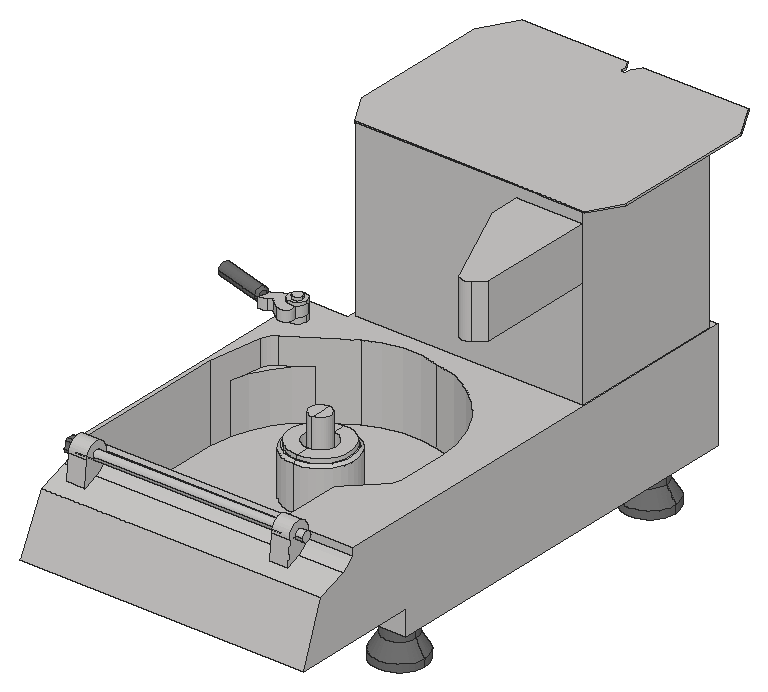
Revit family "QF_DITOSAMA_603429_DTR260F1V", category Specialty Equipment, Revit 2018
Family settings
  Round Connector Dimension = Use Diameter
  Part Type = Normal
  Work Plane-Based = No
  Always vertical = Yes
  Cut with Voids When Loaded = No
  Shared = No
  Room Calculation Point = No
Parameters (values of type "QF_DITO SAMA_603429_DTR260F1V")
  Weight = 49.00 kg
  Watts = 0 W
  Volts = 220 V
  URL Manufacturer = "http://www.ditosama.com"
  URL = "http://www.ditosama.com"
  Steam Supply Size = 0 mm
  Steam Supply Minimum Pressure = 0.0 Pa
  Steam Supply Maximum Pressure = 0.0 Pa
  Steam Pounds per Hour = 0
  Refrigeration Suction Line Size = 0 mm
  Refrigeration Liquid Line Size = 0 mm
  Refrigerant Compressor Remote = yes
  Manufacturer = "Dito Sama"
  Phase = 1
  Model = "DTR260F1V"
  Length Actual = 750 mm  # constant formula
  Item Number = "603429"
  Hot Water Size = 0 mm
  Height Actual = 440 mm  # constant formula
  HP = "2 HP"
  Gas Size = 0 mm
  Gas KW = 0
  Gas Input Pressure = 0 W
  Direct Waste Size = 0 mm
  Description = "VEG.SLICER-FLAT P.-1 SP. 220-240/1/50"
  Depth Actual = 400 mm  # constant formula
  Cycle = 50 Hz
  Condensate Return Size = 0 mm
  Compressed Air Volume = 0.0 L/s
  Compressed Air Size = 0 mm
  Compressed Air Pressure = 0.0 Pa
  Cold Water Size = 0 mm
  Accessory = yes
Reference planes
  plane 1 "Center (Front/Back)": y = 0
  plane 2: z = 0
  plane 3 "Center (Left/Right)": x = 0
  plane 4 "BASE": z = 60
  plane 5 "TOP": z = 436
  plane 6 "FRONT": y = -375
  plane 7 "BACK": y = 375
  plane 8 "LEFT": x = -200
  plane 9 "RIGHT": x = 200
  plane 10: z = 104.066
  plane 11 "CX": x = -30.257
  plane 12: through (-207.564, 46.512, 4000) normal (-0.2756, -0.9613, 0)
  plane 13 "Man0": z = 225
Forms (mm)
  Extrusion 1, solid, material "QF_Finishes_Rubber Black"
    sketch origin (0, 0, 0) x (1, 0, 0) y (0, 1, 0)
      loop
        circle (-157.5, 265) r 34
    from 0 to 9.998
  Blend 2, solid, material "QF_Finishes_Rubber Black"
    base sketch origin (0, 0, 0) x (1, 0, 0) y (0, 1, 0)
      loop
        circle (-157.5, 265) r 34
    top sketch origin (0, 0, 0) x (1, 0, 0) y (0, 1, 0)
      loop
        circle (-157.5, 265) r 22
    from 10 to 30
  Extrusion 3, solid, material "QF_Finishes_Rubber Black"
    sketch origin (0, 0, 0) x (1, 0, 0) y (0, 1, 0)
      loop
        circle (-157.5, 265) r 22
    from 30 to 60
  Extrusion 4, solid, material "QF_Finishes_Rubber Black"
    sketch origin (0, -415, 0) x (1, 0, 0) y (0, 1, 0)
      loop
        circle (-157.5, 265) r 34
    from 0 to 9.998
  Blend 5, solid, material "QF_Finishes_Rubber Black"
    base sketch origin (0, -415, 0) x (1, 0, 0) y (0, 1, 0)
      loop
        circle (-157.5, 265) r 34
    top sketch origin (0, -415, 0) x (1, 0, 0) y (0, 1, 0)
      loop
        circle (-157.5, 265) r 22
    from 10 to 30
  Extrusion 6, solid, material "QF_Finishes_Rubber Black"
    sketch origin (0, -415, 0) x (1, 0, 0) y (0, 1, 0)
      loop
        circle (-157.5, 265) r 22
    from 30 to 60
  Extrusion 7, solid, material "QF_Finishes_Rubber Black"
    sketch origin (-27.5, 0, 0) x (-1, 0, 0) y (0, -1, 0)
      loop
        circle (-157.5, -265) r 34
    from 0 to 9.998
  Blend 8, solid, material "QF_Finishes_Rubber Black"
    base sketch origin (-27.5, 0, 0) x (-1, 0, 0) y (0, -1, 0)
      loop
        circle (-157.5, -265) r 34
    top sketch origin (-27.5, 0, 0) x (-1, 0, 0) y (0, -1, 0)
      loop
        circle (-157.5, -265) r 22
    from 10 to 30
  Extrusion 9, solid, material "QF_Finishes_Rubber Black"
    sketch origin (-27.5, 0, 0) x (-1, 0, 0) y (0, -1, 0)
      loop
        circle (-157.5, -265) r 22
    from 30 to 60
  Extrusion 10, solid, material "QF_Finishes_Rubber Black"
    sketch origin (-27.5, -415, 0) x (-1, 0, 0) y (0, -1, 0)
      loop
        circle (-157.5, -265) r 34
    from 0 to 9.998
  Blend 11, solid, material "QF_Finishes_Rubber Black"
    base sketch origin (-27.5, -415, 0) x (-1, 0, 0) y (0, -1, 0)
      loop
        circle (-157.5, -265) r 34
    top sketch origin (-27.5, -415, 0) x (-1, 0, 0) y (0, -1, 0)
      loop
        circle (-157.5, -265) r 22
    from 10 to 30
  Extrusion 12, solid, material "QF_Finishes_Rubber Black"
    sketch origin (-27.5, -415, 0) x (-1, 0, 0) y (0, -1, 0)
      loop
        circle (-157.5, -265) r 22
    from 30 to 60
  Extrusion 13, solid, material "QF_Finishes_Stainless Steel"
    sketch origin (0, 0, 0) x (0, 1, 0) y (0, 0, 1)
      loop
        line (320, 60) -> (320, 205) -> (-285, 205) -> (-285, 195)
        arc (-285, 195) -> (-291.829, 187.582) -> (-300.321, 182.144) r 39.318
        line (-300.321, 182.144) -> (-337.909, 168.463) -> (-366.578, 93.777) -> (-196.578, 93.777) -> (-196.578, 60) -> (320, 60)
    from -200 to 176.117
  Extrusion 14, void
    sketch origin (0, 375, 0) x (-1, 0, 0) y (0, 0, 1)
      loop
        line (199.965, 94.282) -> (207.223, 94.282) -> (207.223, 205) -> (192.223, 205) -> (199.965, 94.282)
    from -772.928 to -41.104
  Extrusion 15, void
    sketch origin (0, 375, 0) x (-1, 0, 0) y (0, 0, 1)
      loop
        line (199.96, 94.349) -> (192.223, 205) -> (133.474, 205) -> (199.96, 94.349)
    from -55 to -281.494
  Extrusion 16, solid, material "QF_Finishes_Stainless Steel"
    sketch origin (0, 0, 0) x (1, 0, 0) y (0, 1, 0)
      loop
        line (-127.778, 308.325) -> (-127.778, 99.647) -> (173.289, 99.647) -> (173.289, 308.325) -> (-127.778, 308.325)
    from 205 to 434
  Extrusion 17, solid, material "QF_Finishes_Stainless Steel"
    sketch origin (0, 0, 0) x (1, 0, 0) y (0, 1, 0)
      loop
        line (173.289, 99.647) -> (86.117, 99.647) -> (86.117, 59.647) -> (141.727, -65.256)
        arc (141.727, -65.256) -> (150.503, -72.174) -> (161.175, -68.86) r 12
        line (161.175, -68.86) -> (173.289, -56.747) -> (173.289, 99.647)
    from 350.263 to 420.638
  Extrusion 18, solid, material "QF_Finishes_Stainless Steel"
    sketch origin (0, 0, 0) x (1, 0, 0) y (0, 1, 0)
      loop
        line (-127.778, 375) -> (-153.883, 329.785) -> (-153.883, 142.948) -> (-128.883, 99.647) -> (176.117, 99.647) -> (200, 137.879) -> (200, 327.879) -> (172.795, 375) -> (32.795, 375) -> (26.325, 363.793) -> (26.325, 357.179)
        arc (26.325, 357.179) -> (22.99, 353.845) -> (19.655, 357.179) r 3.335
        line (19.655, 357.179) -> (19.655, 363.642) -> (13.097, 375) -> (-127.778, 375)
    from 434 to 436
  Extrusion 19, void
    sketch origin (0, 0, 0) x (1, 0, 0) y (0, 1, 0)
      loop
        line (-186.4, -69.835) -> (-186.4, -275) -> (80.32, -275) -> (80.32, -195.67) -> (121.822, -154.168)
        arc (121.822, -154.168) -> (125.63, -147.573) -> (126.952, -140.073) r 21.929
        line (126.952, -140.073) -> (126.952, -78.085)
        arc (126.952, -78.085) -> (90.934, 20.602) -> (0, 73.211) r 153.956
        arc (0, 73.211) -> (-47.258, 76.401) -> (-92.835, 63.504) r 138.701
        line (-92.835, 63.504) -> (-163.303, 15.973)
        arc (-163.303, 15.973) -> (-171.312, 9.487) -> (-175.339, 0) r 21.301
        line (-175.339, 0) -> (-186.4, -69.835)
    from 205 to 104.066
  Revolve 20, solid, material "QF_Finishes_Stainless Steel"
    sketch origin (-30.257, 0, 0) x (0, 1, 0) y (0, 0, 1)
      loop
        line (-80.822, 104.066) -> (-35.822, 104.066) -> (-35.822, 161.863) -> (-39.357, 165.398) -> (-41.484, 165.398) -> (-41.484, 170.84) -> (-59.291, 170.84) -> (-59.291, 110.84) -> (-67.029, 110.84) -> (-67.029, 205) -> (-80.822, 205) -> (-80.822, 104.066)
      axis (-80.822, 205) -> (-80.822, 104.066)
    angle from 0 to 360
  Extrusion 21, solid, material "QF_Finishes_Stainless Steel"
    sketch origin (0, 0, 0) x (0, 1, 0) y (0, 0, 1)
      loop
        line (-281.525, 104.066) -> (-261.525, 104.066) -> (-281.525, 178.707) -> (-281.525, 104.066)
    from -186.4 to 80.32
  Extrusion 22, solid, material "QF_Finishes_Stainless Steel"
    sketch origin (0, 0, 0) x (1, 0, 0) y (0, 1, 0)
      loop
        line (89.692, -186.298) -> (121.822, -154.168)
        arc (121.822, -154.168) -> (125.63, -147.573) -> (126.952, -140.073) r 21.929
        line (126.952, -140.073) -> (126.952, -78.085)
        arc (126.952, -78.085) -> (117.376, -135.309) -> (89.692, -186.298) r 175.767
      loop
        line (-175.339, 0) -> (-181.899, -41.416)
        arc (-181.899, -41.416) -> (-164.892, 2.629) -> (-132.358, 36.846) r 121.308
        line (-132.358, 36.846) -> (-163.303, 15.973)
        arc (-163.303, 15.973) -> (-171.312, 9.487) -> (-175.339, 0) r 21.301
    from 104.066 to 170.84
  Extrusion 23, solid, material "QF_Finishes_Stainless Steel"
    sketch origin (0, 0, 0) x (0, 1, 0) y (0, 0, 1)
      loop
        arc (-285, 207.505) -> (-300.365, 222.87) -> (-315.73, 207.505) r 15.365
        line (-315.73, 207.505) -> (-319.115, 175.304) -> (-300.321, 182.144)
        arc (-300.321, 182.144) -> (-291.829, 187.582) -> (-285, 195) r 39.318
        line (-285, 195) -> (-285, 207.505)
      loop
        circle (-300.365, 207.505) r 6.143
    from 93.058 to 116.352
  Extrusion 24, solid, material "QF_Finishes_Stainless Steel"
    sketch origin (0, 0, 0) x (0, 1, 0) y (0, 0, 1)
      loop
        arc (-285, 207.505) -> (-300.365, 222.87) -> (-315.73, 207.505) r 15.365
        line (-315.73, 207.505) -> (-319.115, 175.304) -> (-300.321, 182.144)
        arc (-300.321, 182.144) -> (-291.829, 187.582) -> (-285, 195) r 39.318
        line (-285, 195) -> (-285, 207.505)
      loop
        circle (-300.365, 207.505) r 6.143
    from -176.149 to -152.158
  Extrusion 25, solid, material "QF_Finishes_Stainless Steel"
    sketch origin (539, 0, 0) x (0, -1, 0) y (0, 0, 1)
      loop
        circle (300.365, 207.505) r 6.143
    from 412.048 to 715.149
  Extrusion 26, solid, material "QF_Finishes_Rubber Black"
    sketch origin (0, 0, 0) x (0, 1, 0) y (0, 0, 1)
      loop
        arc (-295.752, 217.171) -> (-300.365, 216.065) -> (-304.979, 217.171) r 10.177
        arc (-304.979, 217.171) -> (-306.661, 216.17) -> (-308.133, 214.879) r 10.711
        arc (-308.133, 214.879) -> (-308.507, 210.15) -> (-310.984, 206.104) r 10.177
        arc (-310.984, 206.104) -> (-310.552, 204.195) -> (-309.779, 202.396) r 10.711
        arc (-309.779, 202.396) -> (-305.397, 200.579) -> (-302.314, 196.973) r 10.177
        arc (-302.314, 196.973) -> (-300.365, 196.794) -> (-298.416, 196.973) r 10.711
        arc (-298.416, 196.973) -> (-295.333, 200.579) -> (-290.951, 202.396) r 10.177
        arc (-290.951, 202.396) -> (-290.179, 204.195) -> (-289.746, 206.104) r 10.711
        arc (-289.746, 206.104) -> (-292.224, 210.15) -> (-292.598, 214.879) r 10.177
        arc (-292.598, 214.879) -> (-294.069, 216.17) -> (-295.752, 217.171) r 10.711
    from -186.4 to -176.149
  Extrusion 27, solid, material "QF_Finishes_Stainless Steel"
    sketch origin (0, 0, 0) x (1, 0, 0) y (0, 1, 0)
      loop
        line (-205.907, 54.309) -> (-209.222, 38.715)
        arc (-209.222, 38.715) -> (-203.487, 38.886) -> (-198.344, 41.427) r 13.476
        line (-198.344, 41.427) -> (-194.435, 44.545) -> (-179.01, 33.169)
        arc (-179.01, 33.169) -> (-166.785, 34.001) -> (-165.61, 46.198) r 9.472
        arc (-165.61, 46.198) -> (-162.103, 64.631) -> (-180.484, 68.401) r 13.364
        line (-180.484, 68.401) -> (-205.907, 54.309)
      loop
        circle (-172.145, 58.474) r 6.472
    from 213.074 to 226.288
  Extrusion 28, solid, material "QF_Finishes_Stainless Steel"
    sketch origin (0, 0, 0) x (1, 0, 0) y (0, 1, 0)
      loop
        circle (-172.145, 58.474) r 11.842
      loop
        circle (-172.145, 58.474) r 6.472
    from 205 to 229.594
  Extrusion 29, solid, material "QF_Finishes_Stainless Steel"
    sketch origin (0, 0, 436) x (-1, 0, 0) y (0, -1, 0)
      loop
        circle (172.145, -58.474) r 6.472
    from -206.406 to -203.241
  Revolve 30, solid, material "QF_Finishes_Rubber Black"
    sketch origin (0, 0, 225) x (0, -1, 0) y (1, 0, 0)
      loop
        line (-46.512, -207.564) -> (-51.402, -206.525) -> (-55.733, -209.025) -> (-73.649, -271.507) -> (-65.516, -273.839) -> (-46.512, -207.564)
      axis (-46.512, -207.564) -> (-65.516, -273.839)
    angle from 0 to 360
  Extrusion 31, void
    sketch origin (0, 0, 0) x (0, 1, 0) y (0, 0, 1)
      loop
        line (170.221, 400.652) -> (105.221, 400.652) -> (105.221, 275.652) -> (170.221, 275.652) -> (170.221, 400.652)
    from -132.358 to -121.711
  Extrusion 32, solid, material "QF_Finishes_Gray"
    sketch origin (0, 0, 0) x (0, 1, 0) y (0, 0, 1)
      loop
        line (170.221, 400.652) -> (105.221, 400.652) -> (105.221, 275.652) -> (170.221, 275.652) -> (170.221, 400.652)
    from -127.778 to -121.711
  Extrusion 33, solid, material "QF_Finishes_White"
    sketch origin (0, 0, 0) x (0, 1, 0) y (0, 0, 1)
      loop
        line (134.191, 382.73) -> (120.191, 382.73) -> (120.191, 368.73) -> (134.191, 368.73) -> (134.191, 382.73)
      loop
        line (152.538, 382.73) -> (138.538, 382.73) -> (138.538, 368.73) -> (152.538, 368.73) -> (152.538, 382.73)
      loop
        line (134.191, 341.522) -> (120.191, 341.522) -> (120.191, 327.522) -> (134.191, 327.522) -> (134.191, 341.522)
    from -129.306 to -127.778
  Extrusion 34, solid, material "QF_Finishes_Stainless Steel"
    sketch origin (0, 375, 0) x (-1, 0, 0) y (0, 0, 1)
      loop
        circle (85, 225) r 10
    from -63.871 to -66.675
Cuts and joins
  Extrusion 14, Extrusion 15, Extrusion 19 cuts Extrusion 13
  joined: Extrusion 27, Extrusion 28
  Extrusion 31 cuts Extrusion 16
Lines and regions (mm)
  symbolic lines
    curve 1: line (172.795, 375, 0) -> (32.795, 375, 0)
    curve 2: line (32.795, 375, 0) -> (26.325, 363.793, 0)
    curve 3: line (26.325, 363.793, 0) -> (26.325, 357.179, 0)
    curve 4: arc (26.325, 357.179, 0) -> (22.99, 353.845, 0) -> (19.655, 357.179, 0) r 3.335
    curve 5: line (19.655, 357.179, 0) -> (19.655, 363.642, 0)
    curve 6: line (19.655, 363.642, 0) -> (13.097, 375, 0)
    curve 7: line (13.097, 375, 0) -> (-127.778, 375, 0)
    curve 8: line (200, 327.879, 0) -> (172.795, 375, 0)
    curve 9: line (-127.778, 375, 0) -> (-153.883, 329.785, 0)
    curve 10: line (-153.883, 329.785, 0) -> (-153.883, 142.948, 0)
    curve 11: line (-153.883, 320, 0) -> (-200, 320, 0)
    curve 12: line (-200, 320, 0) -> (-200, 60, 0)
    curve 13: line (-200, 93.506, 0) -> (-133.474, 93.506, 0)
    curve 14: line (-192.223, 93.506, 0) -> (-192.223, 63.506, 0)
    curve 15: line (-133.474, 107.599, 0) -> (-133.474, 93.506, 0)
    curve 16: line (-153.883, 142.948, 0) -> (-128.883, 99.647, 0)
    curve 17: line (-128.883, 99.647, 0) -> (176.117, 99.647, 0)
    curve 18: line (86.117, 99.647, 0) -> (86.117, 59.647, 0)
    curve 19: line (86.117, 59.647, 0) -> (141.727, -65.256, 0)
    curve 20: arc (141.727, -65.256, 0) -> (150.503, -72.174, 0) -> (161.175, -68.86, 0) r 12
    curve 21: line (161.175, -68.86, 0) -> (173.289, -56.747, 0)
    curve 22: line (173.289, -56.747, 0) -> (173.289, 99.647, 0)
    curve 23: line (176.117, 99.647, 0) -> (200, 137.879, 0)
    curve 24: line (176.117, -366.578, 0) -> (176.117, 99.647, 0)
    curve 25: line (-200, 40, 0) -> (-200, -366.578, 0)
    curve 26: line (-192.223, 38.506, 0) -> (-192.223, -285, 0)
    curve 27: line (-180.484, 68.401, 0) -> (-205.907, 54.309, 0)
    curve 28: arc (-160.303, 58.474, 0) -> (-172.145, 70.316, 0) -> (-183.987, 58.474, 0) r 11.842
    curve 29: arc (-183.987, 58.474, 0) -> (-172.145, 46.632, 0) -> (-160.303, 58.474, 0) r 11.842
    curve 30: arc (-178.617, 58.474, 0) -> (-172.145, 52.002, 0) -> (-165.673, 58.474, 0) r 6.472
    curve 31: arc (-165.673, 58.474, 0) -> (-172.145, 64.946, 0) -> (-178.617, 58.474, 0) r 6.472
    curve 32: arc (-183.987, 58.474, 0) -> (-172.145, 46.632, 0) -> (-160.303, 58.474, 0) r 11.842
    curve 33: arc (-179.01, 33.169, 0) -> (-166.785, 34.001, 0) -> (-165.61, 46.198, 0) r 9.472
    curve 34: arc (-165.61, 46.198, 0) -> (-162.103, 64.631, 0) -> (-180.484, 68.401, 0) r 13.364
    curve 35: line (-194.435, 44.545, 0) -> (-179.01, 33.169, 0)
    curve 36: arc (-209.222, 38.715, 0) -> (-203.487, 38.886, 0) -> (-198.344, 41.427, 0) r 13.476
    curve 37: line (-198.344, 41.427, 0) -> (-194.435, 44.545, 0)
    curve 38: line (-205.907, 54.309, 0) -> (-209.222, 38.715, 0)
    curve 39: line (-213.689, 39.466, 0) -> (-209.025, 55.733, 0)
    curve 40: line (-271.507, 73.649, 0) -> (-276.171, 57.382, 0)
    curve 41: line (-271.507, 73.649, 0) -> (-209.025, 55.733, 0)
    curve 42: line (-209.025, 55.733, 0) -> (-206.204, 52.912, 0)
    curve 43: line (-276.171, 57.382, 0) -> (-213.689, 39.466, 0)
    curve 44: line (-214.516, 39.703, 0) -> (-208.948, 40, 0)
    curve 45: line (-92.835, 63.504, 0) -> (-163.303, 15.973, 0)
    curve 46: arc (-163.303, 15.973, 0) -> (-171.312, 9.487, 0) -> (-175.339, 0, 0) r 21.301
    curve 47: line (-175.339, 0, 0) -> (-186.4, -69.835, 0)
    curve 48: arc (-181.899, -41.416, 0) -> (-164.892, 2.629, 0) -> (-132.358, 36.846, 0) r 121.308
    curve 49: arc (0, 73.211, 0) -> (-47.258, 76.401, 0) -> (-92.835, 63.504, 0) r 138.701
    curve 50: arc (126.952, -78.085, 0) -> (90.934, 20.602, 0) -> (0, 73.211, 0) r 153.956
    curve 51: arc (126.952, -78.085, 0) -> (117.376, -135.309, 0) -> (89.692, -186.298, 0) r 175.767
    curve 52: line (126.952, -140.073, 0) -> (126.952, -78.085, 0)
    curve 53: arc (121.822, -154.168, 0) -> (125.63, -147.573, 0) -> (126.952, -140.073, 0) r 21.929
    curve 54: line (80.32, -195.67, 0) -> (121.822, -154.168, 0)
    curve 55: arc (141.727, -65.256, 0) -> (150.503, -72.174, 0) -> (161.175, -68.86, 0) r 12
    curve 56: line (161.175, -68.86, 0) -> (173.289, -56.747, 0)
    curve 57: line (-186.4, -69.835, 0) -> (-186.4, -275, 0)
    curve 58: line (-186.4, -261.525, 0) -> (80.32, -261.525, 0)
    curve 59: line (-186.4, -275, 0) -> (80.32, -275, 0)
    curve 60: line (80.32, -275, 0) -> (80.32, -195.67, 0)
    curve 61: line (-192.922, -285, 0) -> (176.117, -285, 0)
    curve 62: spline (-192.922, -285, 0) -> (-193.016, -286.001, 0) -> (-193.108, -287.06, 0) -> (-193.196, -288.174, 0) -> (-193.281, -289.341, 0) -> (-193.363, -290.56, 0) -> (-193.44, -291.827, 0) -> (-193.514, -293.141, 0) -> (-193.584, -294.499, 0) -> (-193.65, -295.898, 0) -> (-193.711, -297.337, 0) -> (-193.768, -298.812, 0) -> (-193.821, -300.321, 0)
    curve 63: line (-193.821, -300.321, 0) -> (-194.777, -337.909, 0)
    curve 64: line (-194.777, -337.909, 0) -> (-200, -366.578, 0)
    curve 65: line (-200, -366.578, 0) -> (176.117, -366.578, 0)
    curve 66: line (-194.777, -337.909, 0) -> (176.117, -337.909, 0)
    curve 67: line (-176.149, -319.115, 0) -> (-152.158, -319.115, 0)
    curve 68: line (-152.158, -319.115, 0) -> (-152.158, -285, 0)
    curve 69: line (-176.149, -285, 0) -> (-176.149, -319.115, 0)
    curve 70: line (-176.149, -315.73, 0) -> (-152.158, -315.73, 0)
    curve 71: line (-186.4, -310.984, 0) -> (-176.149, -310.984, 0)
    curve 72: line (-186.4, -308.133, 0) -> (-176.149, -308.133, 0)
    curve 73: line (-176.149, -304.979, 0) -> (-186.4, -304.979, 0)
    curve 74: line (-186.4, -295.752, 0) -> (-176.149, -295.752, 0)
    curve 75: line (-186.4, -292.598, 0) -> (-176.149, -292.598, 0)
    curve 76: line (-186.4, -289.746, 0) -> (-176.149, -289.746, 0)
    curve 77: line (-186.4, -289.746, 0) -> (-186.4, -310.984, 0)
    curve 78: line (-152.158, -294.222, 0) -> (93.058, -294.222, 0)
    curve 79: line (93.058, -319.115, 0) -> (116.352, -319.115, 0)
    curve 80: line (93.058, -285, 0) -> (93.058, -319.115, 0)
    curve 81: line (116.352, -319.115, 0) -> (116.352, -285, 0)
    curve 82: line (126.952, -306.509, 0) -> (126.952, -294.222, 0)
    curve 83: line (-152.158, -306.509, 0) -> (93.058, -306.509, 0)
    curve 84: line (116.352, -294.222, 0) -> (126.952, -294.222, 0)
    curve 85: line (116.352, -306.509, 0) -> (126.952, -306.509, 0)
    curve 86: line (200, 137.879, 0) -> (200, 327.879, 0)
Dimensions and locks
  plane 4 "BASE" to level = 60 mm
  plane 5 "TOP" to level = 436 mm  (x2)
  plane 8 "LEFT" to plane 3 "Center (Left/Right)" to plane 9 "RIGHT" = 200 mm, 200 mm
  plane 7 "BACK" to plane 1 "Center (Front/Back)" to plane 6 "FRONT" = 375 mm, 375 mm
  plane 8 "LEFT" to plane 9 "RIGHT" = 400 mm
  plane 7 "BACK" to plane 6 "FRONT" = 750 mm
  plane 13 "Man0" to level = 225 mm
  aligned and locked: level to plane 2
Connectors
  electrical at (-85, 311.129, 225), driven by "Volts"
    settings: on Extrusion 34, index 1, voltage 220 V, apparent load 0 VA, apparent load phase1 0 VA, apparent load phase2 0 VA, apparent load phase3 0 VA, power factor 1, load classification "Other", number of poles 1, system type 30, power factor state 1, is connector primary yes, connector utility no, sub classification motor no, connector description "Electrical Connection"
